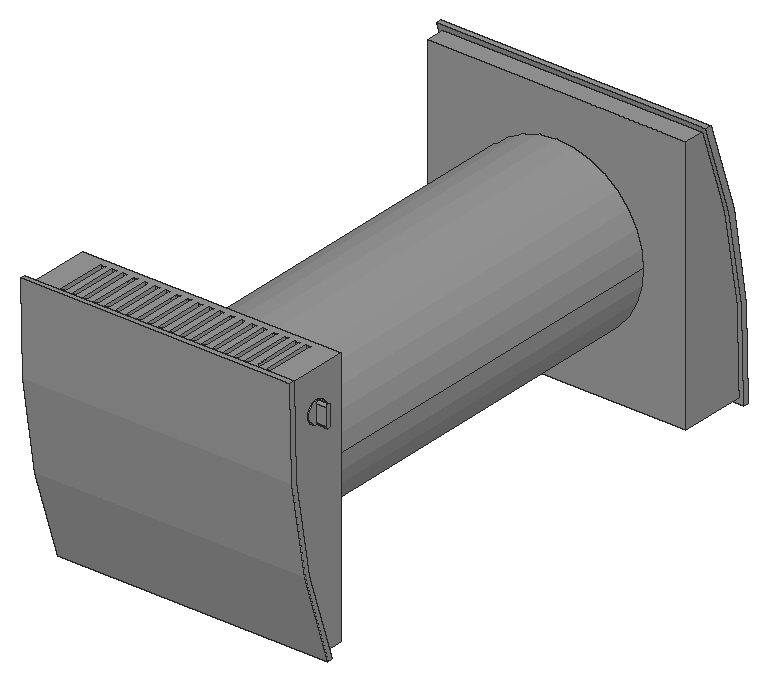
Revit family "ТвінФреш Ізі", category Mechanical Equipment, Revit 2021
Family settings
  Round Connector Dimension = Use Diameter
  Classification = None
  Part Type = Normal
  Work Plane-Based = No
  Always vertical = Yes
  Cut with Voids When Loaded = Yes
  Shared = No
  Room Calculation Point = No
Parameters (values of type "ТвінФреш Ізі-Д РЛ7-50-17")
  Ширина = B + 10 mm  # 250 mm
  Частота = 50 Hz  # constant formula
  Струм = 0.041 A
  Статичний тиск повітря [instance] = 0.0 Pa
  Рівень звукового тиску на відстані 3 м = "29 дБА"
  Потужність = 4.3 W
  Повітряний потік [instance] = 0.0 m³/h
  Default Elevation = 0 mm
  Напруга = 230 V
  Максимальний потік повітря = 50.0 m³/h
  Кількість фаз = 1
  Колпак = L < 155 mm  # no
  Класифікація навантаження = "HVAC"
  Клас фільтрації = "G3"
  Manufacturer = "Вентс"  # constant formula
  Довжина = L + 66 mm * 2  # 532 mm
  Висота = B + 10 mm  # 250 mm
  Вага = 5.00 kg
  l3 = L / 2 - 5 mm  # 195 mm
  l2 = L / 2 + 5.5 mm  # 205.5 mm
  l1 = L / 2  # 200 mm
  b1 = B - 40 mm  # 200 mm
  b = B - 60 mm  # 180 mm
  Матеріал зони обслуговуваня = none
  URL = "https://vents.ua/ua/series/twinfresh-easy"
  L2 = 86 mm
  L = 400 mm
  Dy = D - 5 mm  # 155 mm
  Матеріал корпусу = Метал, пофарбований, білий, матовий
  D = 160 mm
  B1 = 186 mm
  B = 240 mm
  09_Назва системи [instance] = ""
  00_20_Тип = "ТвінФреш Ізі-Д РЛ7-50-17"
  00_20_Назва = "Провітрювач"
  00_20_Виробник = "Вентс"  # constant formula
Types (3, lengths in mm): name | 00_20_Тип
  (no name) | "ТвінФреш Ізі-Д РЛ7-50-17"
  ТвінФреш Ізі РЛ7-50-17 | "ТвінФреш Ізі РЛ7-50-17"
  ТвінФреш Ізі-Д РЛ7-50-17 | "ТвінФреш Ізі-Д РЛ7-50-17"
Reference planes
  plane 1 "По центру (Вперед/Назад)": y = 0
  plane 2: z = 0
  plane 3 "По центру (Влево/Вправо)": x = 0
  plane 4: z = 90
  plane 5: x = 90
  plane 6: z = -90
  plane 7: x = -90
  plane 8: y = -200
Forms (mm)
  Extrusion 1, solid, material "Пластмасса, непрозрачная, белая"
    sketch origin (0, 0, 0) x (1, 0, 0) y (0, 0, 1)
      loop
        circle (0, 0) r 80
      loop
        circle (0, 0) r 77.5
    from -200 to 200
Dimensions and locks
  equal spacing: Extrusion 1, plane 1 "По центру (Вперед/Назад)", Extrusion 1
  "L": Extrusion 1 to Extrusion 1
  equal spacing: plane 7, plane 3 "По центру (Влево/Вправо)", plane 5
  equal spacing: plane 4, level, plane 6
  "b": plane 7 to plane 5
  "b": plane 4 to plane 6
  "l1": plane 1 "По центру (Вперед/Назад)" to plane 8
  "D": diameter of Extrusion 1 sketch curve
  "Dy": diameter of Extrusion 1 sketch curve
  aligned and locked: level to plane 2
  aligned and locked: nested 1 to plane 8
Automatic sketch dimensions
  Extrusion 1 sketch curve to Extrusion 1 sketch curve = 0 mm  (x2)
  Extrusion 1 sketch curve to level = 0 mm
  Extrusion 1 sketch curve to plane 3 "По центру (Влево/Вправо)" = 0 mm
Nested families
  nested 1: "Крышка передняя" at (0, -200, 0), type "Крышка передняя"
  nested 2: "Крышка передняя" at (0, 200, 0) x (-1, 0, 0) z (0, 0, -1), type "Крышка передняя"
Definition of nested family "Крышка передняя"
  Parameters (values of type "Крышка передняя")
    Default Elevation = 0 mm
    B = 240 mm
  Reference planes
    plane 1 "По центру (Вперед/Назад)": y = 0
    plane 2: z = 0
    plane 3 "По центру (Влево/Вправо)": x = 0
  Forms (mm)
    Extrusion 1, solid
      sketch origin (0, 0, 0) x (0, 1, 0) y (0, 0, 1)
        loop
          line (-60.848, 125) -> (-65.852, 125)
          arc (-65.852, 125) -> (-57.61, -2.381) -> (-22.136, -125) r 589.417
          line (-22.136, -125) -> (-16.726, -125)
          arc (-16.726, -125) -> (-52.525, -2.425) -> (-60.848, 125) r 584.417
      from -125 to 125
    Extrusion 2, solid
      sketch origin (0, 0, 0) x (0, 1, 0) y (0, 0, 1)
        loop
          line (-18.775, -120) -> (0, -120) -> (0, 120) -> (-61.048, 120)
          arc (-61.048, 120) -> (-52.56, -2.228) -> (-18.775, -120) r 584.417
      from -120 to 120
    Extrusion 3, void
      sketch origin (0, 0, 0) x (1, 0, 0) y (0, 1, 0)
        loop
          line (-97, -7) -> (-97, -53.319) -> (-93, -53.319) -> (-93, -7) -> (-97, -7)
      from 109.204 to 120
    Extrusion 4, void
      sketch origin (10, 0, 0) x (1, 0, 0) y (0, 1, 0)
        loop
          line (-97, -7) -> (-97, -53.319) -> (-93, -53.319) -> (-93, -7) -> (-97, -7)
      from 109.204 to 120
    Extrusion 5, void
      sketch origin (20, 0, 0) x (1, 0, 0) y (0, 1, 0)
        loop
          line (-97, -7) -> (-97, -53.319) -> (-93, -53.319) -> (-93, -7) -> (-97, -7)
      from 109.204 to 120
    Extrusion 6, void
      sketch origin (30, 0, 0) x (1, 0, 0) y (0, 1, 0)
        loop
          line (-97, -7) -> (-97, -53.319) -> (-93, -53.319) -> (-93, -7) -> (-97, -7)
      from 109.204 to 120
    Extrusion 7, void
      sketch origin (40, 0, 0) x (1, 0, 0) y (0, 1, 0)
        loop
          line (-97, -7) -> (-97, -53.319) -> (-93, -53.319) -> (-93, -7) -> (-97, -7)
      from 109.204 to 120
    Extrusion 8, void
      sketch origin (50, 0, 0) x (1, 0, 0) y (0, 1, 0)
        loop
          line (-97, -7) -> (-97, -53.319) -> (-93, -53.319) -> (-93, -7) -> (-97, -7)
      from 109.204 to 120
    Extrusion 9, void
      sketch origin (60, 0, 0) x (1, 0, 0) y (0, 1, 0)
        loop
          line (-97, -7) -> (-97, -53.319) -> (-93, -53.319) -> (-93, -7) -> (-97, -7)
      from 109.204 to 120
    Extrusion 10, void
      sketch origin (70, 0, 0) x (1, 0, 0) y (0, 1, 0)
        loop
          line (-97, -7) -> (-97, -53.319) -> (-93, -53.319) -> (-93, -7) -> (-97, -7)
      from 109.204 to 120
    Extrusion 11, void
      sketch origin (80, 0, 0) x (1, 0, 0) y (0, 1, 0)
        loop
          line (-97, -7) -> (-97, -53.319) -> (-93, -53.319) -> (-93, -7) -> (-97, -7)
      from 109.204 to 120
    Extrusion 12, void
      sketch origin (90, 0, 0) x (1, 0, 0) y (0, 1, 0)
        loop
          line (-97, -7) -> (-97, -53.319) -> (-93, -53.319) -> (-93, -7) -> (-97, -7)
      from 109.204 to 120
    Extrusion 13, void
      sketch origin (100, 0, 0) x (1, 0, 0) y (0, 1, 0)
        loop
          line (-97, -7) -> (-97, -53.319) -> (-93, -53.319) -> (-93, -7) -> (-97, -7)
      from 109.204 to 120
    Extrusion 14, void
      sketch origin (110, 0, 0) x (1, 0, 0) y (0, 1, 0)
        loop
          line (-97, -7) -> (-97, -53.319) -> (-93, -53.319) -> (-93, -7) -> (-97, -7)
      from 109.204 to 120
    Extrusion 15, void
      sketch origin (120, 0, 0) x (1, 0, 0) y (0, 1, 0)
        loop
          line (-97, -7) -> (-97, -53.319) -> (-93, -53.319) -> (-93, -7) -> (-97, -7)
      from 109.204 to 120
    Extrusion 16, void
      sketch origin (130, 0, 0) x (1, 0, 0) y (0, 1, 0)
        loop
          line (-97, -7) -> (-97, -53.319) -> (-93, -53.319) -> (-93, -7) -> (-97, -7)
      from 109.204 to 120
    Extrusion 17, void
      sketch origin (140, 0, 0) x (1, 0, 0) y (0, 1, 0)
        loop
          line (-97, -7) -> (-97, -53.319) -> (-93, -53.319) -> (-93, -7) -> (-97, -7)
      from 109.204 to 120
    Extrusion 18, void
      sketch origin (150, 0, 0) x (1, 0, 0) y (0, 1, 0)
        loop
          line (-97, -7) -> (-97, -53.319) -> (-93, -53.319) -> (-93, -7) -> (-97, -7)
      from 109.204 to 120
    Extrusion 19, void
      sketch origin (160, 0, 0) x (1, 0, 0) y (0, 1, 0)
        loop
          line (-97, -7) -> (-97, -53.319) -> (-93, -53.319) -> (-93, -7) -> (-97, -7)
      from 109.204 to 120
    Extrusion 20, void
      sketch origin (170, 0, 0) x (1, 0, 0) y (0, 1, 0)
        loop
          line (-97, -7) -> (-97, -53.319) -> (-93, -53.319) -> (-93, -7) -> (-97, -7)
      from 109.204 to 120
    Extrusion 21, void
      sketch origin (180, 0, 0) x (1, 0, 0) y (0, 1, 0)
        loop
          line (-97, -7) -> (-97, -53.319) -> (-93, -53.319) -> (-93, -7) -> (-97, -7)
      from 109.204 to 120
    Extrusion 22, void
      sketch origin (190, 0, 0) x (1, 0, 0) y (0, 1, 0)
        loop
          line (-97, -7) -> (-97, -53.319) -> (-93, -53.319) -> (-93, -7) -> (-97, -7)
      from 109.204 to 120
    Extrusion 23, solid
      sketch origin (13, 0, 0) x (0, 1, 0) y (0, 0, -1)
        loop
          circle (-29.861, -84.613) r 10
      from -109 to -107
    Extrusion 24, solid
      sketch origin (13, 0, 0) x (0, 1, 0) y (0, 0, -1)
        loop
          arc (-27.861, -76.613) -> (-28.447, -75.199) -> (-29.861, -74.613) r 2
          arc (-29.861, -74.613) -> (-31.276, -75.199) -> (-31.861, -76.613) r 2
          line (-31.861, -76.613) -> (-31.861, -92.613)
          arc (-31.861, -92.613) -> (-31.276, -94.027) -> (-29.861, -94.613) r 2
          arc (-29.861, -94.613) -> (-28.447, -94.027) -> (-27.861, -92.613) r 2
          line (-27.861, -92.613) -> (-27.861, -76.613)
      from -118.978 to -109
  Cuts and joins
    Extrusion 3 cuts Extrusion 1
    Extrusion 3, Extrusion 4, Extrusion 5, Extrusion 6, Extrusion 7, Extrusion 8, Extrusion 9, Extrusion 10, Extrusion 11, Extrusion 12, Extrusion 13, Extrusion 14, Extrusion 15, Extrusion 16, Extrusion 17, Extrusion 18, Extrusion 19, Extrusion 20, Extrusion 21, Extrusion 22 cuts Extrusion 2
  Dimensions and locks
    equal spacing: group 1, group 2, group 3, group 4, group 5, group 6, group 7, group 8, group 9, group 10, group 11, group 12, group 13, group 14, group 15, group 16, group 17, group 18, group 19, group 20  (x3)
    locked: Extrusion 23 to Extrusion 23 at 2
    aligned and locked: level to plane 2
